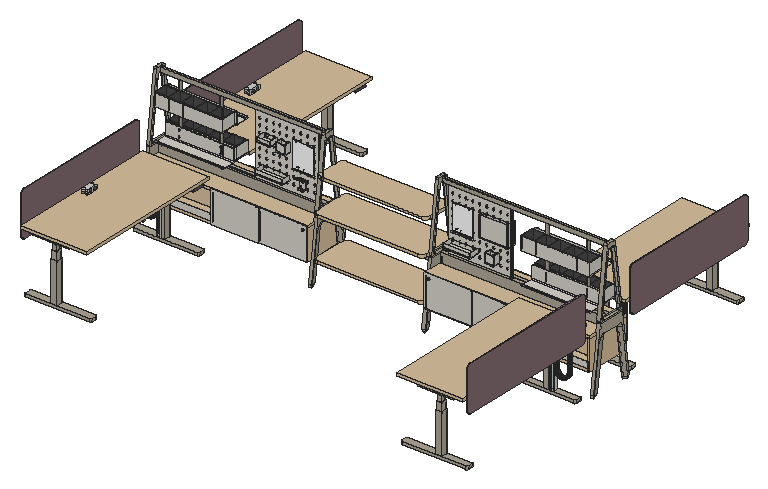
Revit family "Layout-Teknion-Expansion_Cityline_Upper_Structure_01-R2021", category Furniture Systems, Revit 2021 (continued)
Definition of nested family "Accessories-Teknion-JZTPA_P_Accessories_Lift_And_Drop_Vertical_Pole_Mounted_Planter-R2021"
  Definition of nested family "Teknion_2D_Node_Family-R2016"
    Lines and regions (in)
      detail lines, in view "Ref. Level"
        curve 1: circle (0, 0, 0) r 1.25 normal (0, 0, 1)
        curve 2: line (1.91508, -1.91508, 0) -> (-1.91508, 1.91508, 0)
        curve 3: line (-1.91508, -1.91508, 0) -> (1.91508, 1.91508, 0)
Definition of nested family "Accessories-Teknion-JZTPA_Accessories_Lift_And_Drop_Vertical_Pole_Mounted-R2021"
  Parameters (values of type "6" Shelf")
    Width [instance] = 42.000"
    Warranty = "http://www.teknion.com/ca/papers/legal-canada"
    Unit Weight URL = "http://www.teknion.com/ca/tools/assets#&asset=bee6a381-b954-425e-8283-5a2de3a804f2,f828d448-4b62-4231-9e5f-9a8991c0ed77"
    URL = "www.teknion.com"
    To render please download texture images found here [instance] = "https://assets.teknion.com/web/5e81352c1dfdb467/revit-material-swatches/"
    Sustainability Data = "https://www.teknion.com/ca/tools/assets#&topic=216f99a5-57a0-44fc-b10a-9dee9b29ae4c&asset=444deb64-fe58-4b68-981e-f75e97781df7,b4ff2d81-9f2e-437d-9659-7cffb09c31cf"
    Shelf/Book Display - Right = no
    Shelf/Book Display - Left = no
    Series = "Expansion Cityline"  # constant formula
    Product Page URL = "https://www.teknion.com/ca/products/product-details?productLineId=9ad2a26e-8e7a-673b-a6c8-ff05004460c4"
    Product Line = "EZ Lift & Drop Tiles And Shelves"  # constant formula
    Product Documentation Link = "https://www.teknion.com/pricing/expansion-cityline/pdfs/JZTPA_ppg.pdf"
    Part Number = "JZTPA"  # constant formula
    Model = "JZTPA__S"
    Masking Region - S & B = or([6" Shelf], Book Display)  # yes
    Manufacturer Phone = "416-661-3370"  # constant formula
    Manufacturer Fax = "416.661.4586"  # constant formula
    Manufacturer Contact Information = "http://www.teknion.com/ca/contactus"
    Manufacturer Address = "1150 Flint Road, Toronto, ON. M3J 2J5. Canada"  # constant formula
    Manufacturer = "Teknion"  # constant formula
    How To Use Teknion Materials User Guide [instance] = "https://assets.teknion.com/m/205dd0a49fa58060/original/How-to-add-a-Material-Library-and-Texture-Images-to-your-Revit-project.pdf"
    For Additional Finishes please visit [instance] = "https://assets.teknion.com/m/44a8009b046e5d47/original/Teknion_Materials_Library.zip"
    Description = "Accessories - Lift And Drop Vertical Pole Mounted - 6\" Shelf"
    Depth = 6.583"
    Default Elevation = 0.000"
    Cut-Out Shelf/Book Display - Right = if([Shelf/Book Display - Right], 4.000", 0.100")  # 0.100"
    Cut-Out Shelf/Book Display - Left = if([Shelf/Book Display - Left], 4.000", 0.100")  # 0.100"
    Front Corner Cut-Out Shelf/Book Display = if((or([Shelf/Book Display - Left], [Shelf/Book Display - Right])), 4.000", 0.100")  # 0.100"
    Corner Cut-Out (S & B) = if((or([6" Shelf], Book Display)), 1.000", 0.100")  # 1.000"
    Book Display = no
    Body Finish [instance] = none
    Available Width [instance] = "24, 30, 36 & 42 Inch"  # constant formula
    Assembly Code = "E2020200"
    6" Shelf = yes
  Types (5): name | Width | Shelf/Book Display - Right | Shelf/Book Display - Left | Model | Masking Region - S & B | Description | Depth | Cut-Out Shelf/Book Display - Right | Cut-Out Shelf/Book Display - Left | Front Corner Cut-Out Shelf/Book Display | Corner Cut-Out (S & B) | Book Display | 6" Shelf
    (no name) | 42.000" | no | no | "JZTPA__S" | yes | "Accessories - Lift And Drop Vertical Pole Mounted - 6\" Shelf" | 6.583" | 0.100" | 0.100" | 0.100" | 1.000" | no | yes
    Book Display | 42.000" | no | no | "JZTPA__B" | yes | "Accessories - Lift And Drop Vertical Pole Mounted - Book Display" | 3.583" | 0.100" | 0.100" | 0.100" | 1.000" | yes | no
    6" Shelf | 42.000" | no | no | "JZTPA__S" | yes | "Accessories - Lift And Drop Vertical Pole Mounted - 6\" Shelf" | 6.583" | 0.100" | 0.100" | 0.100" | 1.000" | no | yes
    Shelf/Book Display - Left | 24.000" | no | yes | "JZTPA__L" | no | "Accessories - Lift And Drop Vertical Pole Mounted - Shelf/Book Display - Left" | 6.583" | 0.100" | 4.000" | 4.000" | 0.100" | no | no
    Book Display/Shelf - Right | 24.000" | yes | no | "JZTPA__R" | no | "Accessories - Lift And Drop Vertical Pole Mounted - Book Display/Shelf - Right" | 6.583" | 4.000" | 0.100" | 4.000" | 0.100" | no | no
  Reference planes (in)
    plane 1 "Center Front/Back": y = -3.39764
    plane 2: z = 0
    plane 3 "Center Left/Right": x = 0
    plane 4 "Left": x = -21
    plane 5 "Right": x = 21
    plane 6 "Back": y = -0.10614
    plane 7 "Front": y = -6.68914
    plane 8 "Top": z = 36.57283
    plane 9: z = 30.93504
  Forms (in)
    Sweep 1, solid, material <- "Body Finish"
      path origin (0, 0, 0) x (1, 0, 0) y (0, 1, 0)
        loop
          line (0, -0.10614) -> (0, -0.68881)
      profile origin (0, -0.39748, 0) x (1, 0, 0) y (0, 0, 1)
        loop
          arc (-15.09252, 34.85827) -> (-15, 34.76575) -> (-14.90748, 34.85827) r 0.09252
          line (-14.90748, 34.85827) -> (-14.90748, 35.44882)
          arc (-14.90748, 35.44882) -> (-15, 35.54134) -> (-15.09252, 35.44882) r 0.09252
          line (-15.09252, 35.44882) -> (-15.09252, 34.85827)
        loop
          arc (-15.09252, 32.01181) -> (-15, 31.91929) -> (-14.90748, 32.01181) r 0.09252
          line (-14.90748, 32.01181) -> (-14.90748, 32.60236)
          arc (-14.90748, 32.60236) -> (-15, 32.69488) -> (-15.09252, 32.60236) r 0.09252
          line (-15.09252, 32.60236) -> (-15.09252, 32.01181)
        loop
          arc (14.90748, 34.85827) -> (15, 34.76575) -> (15.09252, 34.85827) r 0.09252
          line (15.09252, 34.85827) -> (15.09252, 35.44882)
          arc (15.09252, 35.44882) -> (15, 35.54134) -> (14.90748, 35.44882) r 0.09252
          line (14.90748, 35.44882) -> (14.90748, 34.85827)
        loop
          arc (14.90748, 32.01181) -> (15, 31.91929) -> (15.09252, 32.01181) r 0.09252
          line (15.09252, 32.01181) -> (15.09252, 32.60236)
          arc (15.09252, 32.60236) -> (15, 32.69488) -> (14.90748, 32.60236) r 0.09252
          line (14.90748, 32.60236) -> (14.90748, 32.01181)
    Sweep 2, solid, material <- "Body Finish"
      path origin (0, 0, 0) x (1, 0, 0) y (0, 1, 0)
        loop
          line (0, -0.68881) -> (0, -0.49984)
      profile origin (0, -0.59433, 0) x (-1, 0, 0) y (0, 0, 1)
        loop
          line (15.02953, 32.69004) -> (15.02953, 34.77059) -> (14.97047, 34.77059) -> (14.97047, 32.69004) -> (15.02953, 32.69004)
        loop
          line (-14.97047, 32.69004) -> (-14.97047, 34.77059) -> (-15.02953, 34.77059) -> (-15.02953, 32.69004) -> (-14.97047, 32.69004)
    Sweep 3, solid, material <- "Body Finish", visible <- "6" Shelf"
      path origin (0, 0, 0) x (1, 0, 0) y (0, 1, 0)
        loop
          line (21, -3.39764) -> (-21, -3.39764)
      profile origin (0, -3.39764, 0) x (0, -1, 0) y (0, 0, 1)
        loop
          arc (-2.31512, 30.98228) -> (-2.5601, 31.08376) -> (-2.66158, 31.32874) r 0.34646
          line (-2.66158, 31.32874) -> (-2.66158, 36.57283) -> (-2.70882, 36.57283) -> (-2.70882, 31.32874)
          arc (-2.70882, 31.32874) -> (-2.59351, 31.05035) -> (-2.31512, 30.93504) r 0.3937
          line (-2.31512, 30.93504) -> (2.8978, 30.93504)
          arc (2.8978, 30.93504) -> (3.17619, 31.05035) -> (3.2915, 31.32874) r 0.3937
          line (3.2915, 31.32874) -> (3.2915, 31.68504) -> (3.24426, 31.68504) -> (3.24426, 31.32874)
          arc (3.24426, 31.32874) -> (3.14278, 31.08376) -> (2.8978, 30.98228) r 0.34646
          line (2.8978, 30.98228) -> (-2.31512, 30.98228)
    Sweep 4, void
      path origin (0, 0, 0) x (1, 0, 0) y (0, 1, 0)
        loop
          line (0, -7.14189) -> (0, -6.14189)
      profile origin (0, -6.64189, 0) x (-1, 0, 0) y (0, 0, 1)
        loop
          arc (-21, 31.32874) -> (-20.89564, 31.58068) -> (-20.6437, 31.68504) r 0.3563
          line (-20.6437, 31.68504) -> (-21, 31.68504) -> (-21, 31.32874)
        loop
          line (21, 31.32874) -> (21, 31.68504) -> (20.6437, 31.68504)
          arc (20.6437, 31.68504) -> (20.89564, 31.58068) -> (21, 31.32874) r 0.3563
    Sweep 5, void
      path origin (0, 0, 0) x (1, 0, 0) y (0, 1, 0)
        loop
          line (0, -0.10614) -> (0, -1.10614)
      profile origin (0, -0.60614, 0) x (1, 0, 0) y (0, 0, 1)
        loop
          arc (20.6063, 36.57283) -> (20.88469, 36.45752) -> (21, 36.17913) r 0.3937
          line (21, 36.17913) -> (21, 36.57283) -> (20.6063, 36.57283)
        loop
          line (-20.6063, 36.57283) -> (-21, 36.57283) -> (-21, 36.17913)
          arc (-21, 36.17913) -> (-20.88469, 36.45752) -> (-20.6063, 36.57283) r 0.3937
    Sweep 6, solid, material <- "Body Finish", visible <- "Book Display"
      path origin (0, 0, 0) x (1, 0, 0) y (0, 1, 0)
        loop
          line (21, -3.39764) -> (-21, -3.39764)
      profile origin (0, -3.39764, 0) x (0, -1, 0) y (0, 0, 1)
        loop
          arc (-2.3148, 30.98228) -> (-2.55978, 31.08376) -> (-2.66126, 31.32874) r 0.34646
          line (-2.66126, 31.32874) -> (-2.66126, 36.52559) -> (-1.7085, 36.52559) -> (-1.7085, 36.57283) -> (-2.7085, 36.57283) -> (-2.7085, 31.32874)
          arc (-2.7085, 31.32874) -> (-2.59319, 31.05035) -> (-2.3148, 30.93504) r 0.3937
          line (-2.3148, 30.93504) -> (2.8978, 30.93504)
          arc (2.8978, 30.93504) -> (3.17619, 31.05035) -> (3.2915, 31.32874) r 0.3937
          line (3.2915, 31.32874) -> (3.2915, 31.68504) -> (3.24426, 31.68504) -> (3.24426, 31.32874)
          arc (3.24426, 31.32874) -> (3.14278, 31.08376) -> (2.8978, 30.98228) r 0.34646
          line (2.8978, 30.98228) -> (-2.3148, 30.98228)
    Sweep 7, void
      path origin (0, -3.39764, 0) x (1, 0, 0) y (0, 0, 1)
        loop
          line (0, 37.07283) -> (0, 36.07283)
      profile origin (0, -3.39764, 36.57283) x (0, -1, 0) y (1, 0, 0)
        loop
          arc (-1.7085, -20.6063) -> (-1.82381, -20.88469) -> (-2.1022, -21) r 0.3937
          line (-2.1022, -21) -> (-1.7085, -21) -> (-1.7085, -20.6063)
        loop
          line (-1.7085, 20.6063) -> (-1.7085, 21) -> (-2.1022, 21)
          arc (-2.1022, 21) -> (-1.82381, 20.88469) -> (-1.7085, 20.6063) r 0.3937
    Sweep 8, solid, material <- "Body Finish", visible <- "Shelf/Book Display - Left"
      path origin (0, 0, 0) x (1, 0, 0) y (0, 1, 0)
        loop
          line (21, -3.39764) -> (-21, -3.39764)
      profile origin (0, -3.39764, 0) x (0, -1, 0) y (0, 0, 1)
        loop
          arc (-2.31496, 30.98228) -> (-2.55994, 31.08376) -> (-2.66142, 31.32874) r 0.34646
          line (-2.66142, 31.32874) -> (-2.66142, 36.52559) -> (-1.70866, 36.52559) -> (-1.70866, 36.57283) -> (-2.70866, 36.57283) -> (-2.70866, 31.32874)
          arc (-2.70866, 31.32874) -> (-2.59335, 31.05035) -> (-2.31496, 30.93504) r 0.3937
          line (-2.31496, 30.93504) -> (2.89764, 30.93504)
          arc (2.89764, 30.93504) -> (3.17603, 31.05035) -> (3.2915, 31.32874) r 0.3937
          line (3.2915, 31.32874) -> (3.2915, 31.68504) -> (3.24426, 31.68504) -> (3.24426, 31.32874)
          arc (3.24426, 31.32874) -> (3.14278, 31.08376) -> (2.8978, 30.98228) r 0.34646
          line (2.8978, 30.98228) -> (-2.31496, 30.98228)
    Sweep 9, void
      path origin (0, -3.39764, 0) x (1, 0, 0) y (0, 0, 1)
        loop
          line (0, 37.07303) -> (0, 36.97303)
      profile origin (0, -3.39764, 37.02303) x (0, -1, 0) y (1, 0, 0)
        loop
          arc (-2.10236, 0) -> (-1.82397, -0.11531) -> (-1.70866, -0.3937) r 0.3937
          line (-1.70866, -0.3937) -> (-1.70866, 21) -> (-2.66142, 21) -> (-2.66142, 0) -> (-2.10236, 0)
        loop
          line (-2.10236, -21) -> (-1.70866, -21) -> (-1.70866, -20.6063)
          arc (-1.70866, -20.6063) -> (-1.82397, -20.88469) -> (-2.10236, -21) r 0.3937
    Sweep 10, void
      path origin (0, 0, 0) x (1, 0, 0) y (0, 1, 0)
        loop
          line (0, -7.19528) -> (0, -7.29528)
      profile origin (0, -7.24528, 0) x (1, 0, 0) y (0, 0, 1)
        loop
          line (0, 31.68504) -> (-21, 31.68504) -> (-21, 30.93504) -> (0, 30.93504) -> (0, 31.68504)
    Sweep 11, solid, material <- "Body Finish", visible <- "Shelf/Book Display - Left"
      path origin (0, 0, 0) x (1, 0, 0) y (0, 1, 0)
        loop
          line (0, -3.39764) -> (-21, -3.39764)
      profile origin (-10.5, -3.39764, 0) x (0, -1, 0) y (0, 0, 1)
        loop
          line (0.24409, 31.68504) -> (0.24409, 31.32874)
          arc (0.24409, 31.32874) -> (0.14262, 31.08376) -> (-0.10236, 30.98228) r 0.34646
          line (-0.10236, 30.98228) -> (-0.10236, 30.93504)
          arc (-0.10236, 30.93504) -> (0.17603, 31.05035) -> (0.29134, 31.32874) r 0.3937
          line (0.29134, 31.32874) -> (0.29134, 31.68504) -> (0.24409, 31.68504)
    Sweep 12, void
      path origin (0, 0, 0) x (1, 0, 0) y (0, 1, 0)
        loop
          line (0, -7.18914) -> (0, -7.08914)
      profile origin (0, -7.13914, 0) x (-1, 0, 0) y (0, 0, 1)
        loop
          line (21, 31.68504) -> (20.6437, 31.68504)
          arc (20.6437, 31.68504) -> (20.89564, 31.58068) -> (21, 31.32874) r 0.3563
          line (21, 31.32874) -> (21, 31.68504)
        loop
          line (-21, 31.68504) -> (-21, 31.32874)
          arc (-21, 31.32874) -> (-20.89564, 31.58068) -> (-20.6437, 31.68504) r 0.3563
          line (-20.6437, 31.68504) -> (-21, 31.68504)
        loop
          line (0.3563, 31.68504) -> (-0.3563, 31.68504)
          arc (-0.3563, 31.68504) -> (-0.10436, 31.58068) -> (0, 31.32874) r 0.3563
          arc (0, 31.32874) -> (0.10436, 31.58068) -> (0.3563, 31.68504) r 0.3563
    Sweep 13, void
      path origin (0, 0, 0) x (1, 0, 0) y (0, 1, 0)
        loop
          line (21, 1.8937) -> (21, 1.7937)
      profile origin (21, 1.8437, 0) x (1, 0, 0) y (0, 0, 1)
        loop
          arc (-0.3937, 36.57283) -> (-0.11531, 36.45752) -> (0, 36.17913) r 0.3937
          line (0, 36.17913) -> (0, 36.57283) -> (-0.3937, 36.57283)
    Sweep 14, solid, material <- "Body Finish", visible <- "Shelf/Book Display - Right"
      path origin (0, 0, 0) x (1, 0, 0) y (0, 1, 0)
        loop
          line (21, -3.39764) -> (-21, -3.39764)
      profile origin (0, -3.39764, 0) x (0, -1, 0) y (0, 0, 1)
        loop
          line (-2.70866, 36.57283) -> (-2.70866, 31.32874)
          arc (-2.70866, 31.32874) -> (-2.59335, 31.05035) -> (-2.31496, 30.93504) r 0.3937
          line (-2.31496, 30.93504) -> (2.89764, 30.93504)
          arc (2.89764, 30.93504) -> (3.17603, 31.05035) -> (3.29134, 31.32874) r 0.3937
          line (3.29134, 31.32874) -> (3.29134, 31.68504) -> (3.24426, 31.68504) -> (3.24426, 31.32874)
          arc (3.24426, 31.32874) -> (3.14278, 31.08376) -> (2.8978, 30.98228) r 0.34646
          line (2.8978, 30.98228) -> (-2.31496, 30.98228)
          arc (-2.31496, 30.98228) -> (-2.55994, 31.08376) -> (-2.66142, 31.32874) r 0.34646
          line (-2.66142, 31.32874) -> (-2.66142, 36.52559) -> (-1.70866, 36.52559) -> (-1.70866, 36.57283) -> (-2.70866, 36.57283)
    Sweep 15, solid, material <- "Body Finish", visible <- "Shelf/Book Display - Right"
      path origin (0, 0, 0) x (1, 0, 0) y (0, 1, 0)
        loop
          line (0, -3.39764) -> (21, -3.39764)
      profile origin (10.5, -3.39764, 0) x (0, 1, 0) y (0, 0, 1)
        loop
          line (-0.24409, 31.32874) -> (-0.24409, 31.68504) -> (-0.29134, 31.68504) -> (-0.29134, 31.32874)
          arc (-0.29134, 31.32874) -> (-0.17603, 31.05035) -> (0.10236, 30.93504) r 0.3937
          line (0.10236, 30.93504) -> (0.10236, 30.98228)
          arc (0.10236, 30.98228) -> (-0.14262, 31.08376) -> (-0.24409, 31.32874) r 0.34646
    Sweep 16, void
      path origin (0, 0, 0) x (1, 0, 0) y (0, 1, 0)
        loop
          line (0, -7.29528) -> (0, -7.19528)
      profile origin (0, -7.24528, 0) x (-1, 0, 0) y (0, 0, 1)
        loop
          line (0, 31.68504) -> (-21, 31.68504) -> (-21, 30.93504) -> (0, 30.93504) -> (0, 31.68504)
    Sweep 17, void
      path origin (0, -3.39764, 0) x (1, 0, 0) y (0, 0, 1)
        loop
          line (0, 37.07303) -> (0, 36.97303)
      profile origin (0, -3.39764, 37.02303) x (0, -1, 0) y (1, 0, 0)
        loop
          line (-1.70866, -21) -> (-1.70866, 0.3937)
          arc (-1.70866, 0.3937) -> (-1.82397, 0.11531) -> (-2.10236, 0) r 0.3937
          line (-2.10236, 0) -> (-2.66142, 0) -> (-2.66142, -21) -> (-1.70866, -21)
        loop
          line (-1.70866, 21) -> (-2.10236, 21)
          arc (-2.10236, 21) -> (-1.82397, 20.88469) -> (-1.70866, 20.6063) r 0.3937
          line (-1.70866, 20.6063) -> (-1.70866, 21)
    Sweep 18, void
      path origin (0, 0, 0) x (1, 0, 0) y (0, 1, 0)
        loop
          line (0, 1.7937) -> (0, 1.8937)
      profile origin (0, 1.8437, 0) x (-1, 0, 0) y (0, 0, 1)
        loop
          line (21, 36.57283) -> (20.6063, 36.57283)
          arc (20.6063, 36.57283) -> (20.88469, 36.45752) -> (21, 36.17913) r 0.3937
          line (21, 36.17913) -> (21, 36.57283)
  Cuts and joins
    Sweep 4, Sweep 5 cuts Sweep 3
    Sweep 4, Sweep 7 cuts Sweep 6
    Sweep 9, Sweep 10, Sweep 12, Sweep 13 cuts Sweep 8
    Sweep 12 cuts Sweep 11
    joined: Sweep 8, Sweep 11
    Sweep 12, Sweep 16, Sweep 17, Sweep 18 cuts Sweep 14
    Sweep 12 cuts Sweep 15
    joined: Sweep 14, Sweep 15
  Lines and regions (in)
    Masking region 1
      outline origin (0, 0, 0) x (1, 0, 0) y (0, 1, 0)
        loop
          line (-15.09252, -0.10614) -> (-15.09252, -0.68881) -> (-14.90748, -0.68881) -> (-14.90748, -0.10614) -> (-15.09252, -0.10614)
        loop
          line (14.90748, -0.10614) -> (14.90748, -0.68881) -> (15.09252, -0.68881) -> (15.09252, -0.10614) -> (14.90748, -0.10614)
    Masking region 2, visible <- "Masking Region - S & B"
      outline origin (0, 0, 0) x (1, 0, 0) y (0, 1, 0)
        loop
          line (-21, -0.68914) -> (-21, -6.68914) -> (21, -6.68914) -> (21, -0.68914) -> (-21, -0.68914)
    Masking region 3, visible <- "Shelf/Book Display - Left"
      outline origin (0, 0, 0) x (1, 0, 0) y (0, 1, 0)
        loop
          line (21, -0.68898) -> (-21, -0.68898) -> (-21, -3.68898) -> (0, -3.68898) -> (0, -6.68914) -> (21, -6.68914) -> (21, -0.68898)
    Masking region 4, visible <- "Shelf/Book Display - Right"
      outline origin (0, 0, 0) x (1, 0, 0) y (0, 1, 0)
        loop
          line (0, -3.68898) -> (21, -3.68898) -> (21, -0.68898) -> (-21, -0.68898) -> (-21, -6.68898) -> (0, -6.68898) -> (0, -3.68898)
    symbolic lines, visible <- "6" Shelf"
      curve 1: line (-21, -0.73606, 0) -> (21, -0.73606, 0)
      curve 2: line (21, -6.64189, 0) -> (-21, -6.64189, 0)
    symbolic lines, detail levels medium+fine
      curve 3: line (-15.02953, -0.49984, 0) -> (-15.02953, -0.68881, 0)
      curve 4: line (-15.02953, -0.49984, 0) -> (-14.97047, -0.49984, 0)
      curve 5: line (-14.97047, -0.68881, 0) -> (-14.97047, -0.49984, 0)
      curve 6: line (14.97047, -0.49984, 0) -> (14.97047, -0.68881, 0)
      curve 7: line (14.97047, -0.49984, 0) -> (15.02953, -0.49984, 0)
      curve 8: line (15.02953, -0.68881, 0) -> (15.02953, -0.49984, 0)
    symbolic lines, visible <- "Book Display"
      curve 9: line (-20.6063, -1.68914, 0) -> (20.6063, -1.68914, 0)
      curve 10: arc (-20.6063, -1.68914, 0) -> (-20.88469, -1.57383, 0) -> (-21, -1.29544, 0) r 0.3937
      curve 11: arc (21, -1.29544, 0) -> (20.88469, -1.57383, 0) -> (20.6063, -1.68914, 0) r 0.3937
      curve 12: line (21, -6.64189, 0) -> (-21, -6.64189, 0)
    symbolic lines, visible <- "Shelf/Book Display - Left"
      curve 13: line (0, -3.64173, 0) -> (-21, -3.64173, 0)
      curve 14: line (0, -6.68914, 0) -> (0, -3.29528, 0)
      curve 16: line (0, -1.29528, 0) -> (0, -0.73622, 0)
      curve 17: line (-20.61757, -1.68898, 0) -> (-0.3937, -1.68898, 0)
      curve 18: arc (0, -1.29528, 0) -> (-0.11531, -1.57366, 0) -> (-0.3937, -1.68898, 0) r 0.3937
      curve 19: arc (-20.61757, -1.68898, 0) -> (-20.88865, -1.56981, 0) -> (-21, -1.29544, 0) r 0.3937
      curve 20: line (0, -0.73622, 0) -> (21, -0.73622, 0)
      curve 21: line (0, -6.64189, 0) -> (21, -6.64189, 0)
    symbolic lines, visible <- "Shelf/Book Display - Left", detail levels medium+fine
      curve 15: line (0, -0.73622, 0) -> (-21, -0.73622, 0)
    symbolic lines, visible <- "Shelf/Book Display - Right"
      curve 22: line (0, -0.73622, 0) -> (0, -1.29528, 0)
      curve 23: line (0.3937, -1.68898, 0) -> (20.6063, -1.68898, 0)
      curve 24: arc (0.3937, -1.68898, 0) -> (0.11531, -1.57366, 0) -> (0, -1.29528, 0) r 0.3937
      curve 25: arc (21, -1.29544, 0) -> (20.88469, -1.57383, 0) -> (20.6063, -1.68914, 0) r 0.3937
      curve 26: line (-21, -0.73622, 0) -> (0, -0.73622, 0)
      curve 28: line (21, -3.64173, 0) -> (0, -3.64173, 0)
      curve 29: line (0, -6.64189, 0) -> (-21, -6.64189, 0)
      curve 30: line (0, -6.68914, 0) -> (0, -3.29528, 0)
    symbolic lines, visible <- "Shelf/Book Display - Right", detail levels medium+fine
      curve 27: line (21, -0.73622, 0) -> (0, -0.73622, 0)
    symbolic lines, visible <- "Book Display", detail levels medium+fine
      curve 31: line (-21, -0.73606, 0) -> (21, -0.73606, 0)
    reference lines
      curve 32: line (-21, -0.10614, 0) -> (21, -0.10614, 0)
      curve 33: line (-21, -6.68914, 0) -> (21, -6.68914, 0)
      curve 34: line (-21, -0.10614, 0) -> (-21, -6.68914, 0)
      curve 35: line (21, -0.10614, 0) -> (21, -6.68914, 0)
  Dimensions and locks (in)
    "Width": plane 4 "Left" to plane 5 "Right"
    "Depth": plane 6 "Back" to plane 7 "Front"
    locked: plane 8 "Top" to level at 36.57283
    equal spacing: plane 6 "Back", plane 1 "Center Front/Back", plane 7 "Front"
    equal spacing: plane 4 "Left", plane 3 "Center Left/Right", plane 5 "Right"
    locked: plane 8 "Top" to plane 9 at 5.6378
    locked: plane 6 "Back" to Sweep 1 sketch curve at 0.58268
    Sweep 1 sketch curve to Sweep 1 sketch curve to plane 5 "Right" = 0.18504" locked, 5.90748" locked
    Sweep 1 sketch curve to Sweep 1 sketch curve to plane 4 "Left" = 0.18504" locked, 5.90748" locked
    plane 8 "Top" to Sweep 1 sketch curve to Sweep 1 sketch curve to Sweep 1 sketch curve to Sweep 1 sketch curve = 1.12402" locked, 0.59055" locked, 2.25591" locked, 0.59055" locked  (x2)
    Sweep 2 sketch curve to Sweep 2 sketch curve to plane 6 "Back" = 0.18898" locked, 0.3937" locked
    plane 8 "Top" to Sweep 2 sketch curve to Sweep 2 sketch curve = 1.80225" locked, 2.08054" locked
    Sweep 2 sketch curve to Sweep 2 sketch curve to plane 5 "Right" = 0.05906" locked, 5.97047" locked
    Sweep 2 sketch curve to Sweep 2 sketch curve to plane 4 "Left" = 0.05906" locked, 5.97047" locked
    Sweep 3 sketch curve to Sweep 3 sketch curve to plane 6 "Back" = 0.04724" locked, 0.58268" locked
    locked: Sweep 3 sketch curve to plane 9 at 0.04724
    locked: plane 7 "Front" to Sweep 3 sketch curve at 0.04724
    locked: Sweep 3 sketch curve to plane 9 at 0.75
    locked: plane 7 "Front" to Sweep 3 sketch curve at 0.3937
    locked: Sweep 3 sketch curve to plane 6 "Back" at 0.97638
    locked: Sweep 3 sketch curve to plane 9 at 0.3937  (x2)
    Sweep 4 sketch curve to Sweep 4 sketch curve to plane 9 = 0.3563" locked, 0.3937" locked  (x2)
    locked: Sweep 4 sketch curve to plane 5 "Right" at 0.3563
    locked: Sweep 4 sketch curve to plane 4 "Left" at 0.3563
    "Corner Cut-Out (S & B)": plane 6 "Back" to Sweep 5 sketch curve
    locked: plane 8 "Top" to Sweep 5 sketch curve at 0.3937  (x2)
    locked: Sweep 5 sketch curve to plane 5 "Right" at 0.3937
    locked: plane 7 "Front" to Sweep 6 sketch curve at 0.04724
    Sweep 6 sketch curve to Sweep 6 sketch curve to Sweep 6 sketch curve to plane 6 "Back" = 0.95276" locked, 0.04724" locked, 0.583" locked
    locked: Sweep 6 sketch curve to plane 9 at 0.04724
    locked: plane 7 "Front" to Sweep 6 sketch curve at 0.3937
    locked: Sweep 6 sketch curve to plane 6 "Back" at 0.9767
    locked: Sweep 6 sketch curve to plane 9 at 0.3937  (x2)
    locked: plane 8 "Top" to Sweep 6 sketch curve at 0.04724
    plane 6 "Back" to Sweep 7 sketch curve to Sweep 7 sketch curve = 1.1893" locked, 0.3937" locked
    locked: plane 4 "Left" to Sweep 7 sketch curve at 0.3937
    locked: Sweep 7 sketch curve to plane 5 "Right" at 0.3937
    "Corner Cut-Out (S & B)": Sweep 4 sketch curve to Sweep 4 sketch curve
    locked: Sweep 4 sketch curve to plane 7 "Front" at 0.45276
    "Corner Cut-Out (S & B)": Sweep 7 sketch curve to Sweep 7 sketch curve
    locked: Sweep 7 sketch curve to plane 8 "Top" at 0.5
    locked: plane 1 "Center Front/Back" to Sweep 5 sketch curve at 3.2915
    Sweep 8 sketch curve to Sweep 8 sketch curve to Sweep 8 sketch curve to plane 6 "Back" = 0.95276" locked, 0.04724" locked, 0.58284" locked
    locked: plane 7 "Front" to Sweep 8 sketch curve at 0.04724
    locked: Sweep 8 sketch curve to plane 9 at 0.04724
    locked: Sweep 8 sketch curve to plane 9 at 0.3937  (x2)
    locked: Sweep 8 sketch curve to plane 6 "Back" at 0.97654
    locked: plane 7 "Front" to Sweep 8 sketch curve at 0.39386
    locked: plane 8 "Top" to Sweep 8 sketch curve at 0.04724
    locked: Sweep 9 sketch curve to plane 8 "Top" at 0.5002
    "Cut-Out Shelf/Book Display - Left": Sweep 9 sketch curve to Sweep 9 sketch curve
    Sweep 9 sketch curve to Sweep 9 sketch curve to plane 6 "Back" = 0.3937" locked, 1.18914" locked
    locked: plane 4 "Left" to Sweep 9 sketch curve at 0.3937
    Sweep 9 sketch curve to Sweep 9 sketch curve to plane 6 "Back" = 0.95276" locked, 0.63008" locked
    locked: Sweep 9 sketch curve to plane 3 "Center Left/Right" at 0.3937
    locked: Sweep 10 sketch curve to plane 7 "Front" at 0.60614
    "Cut-Out Shelf/Book Display - Left": Sweep 10 sketch curve to Sweep 10 sketch curve
    locked: Sweep 10 sketch curve to plane 9 at 0.75
    Sweep 11 sketch curve to plane 1 "Center Front/Back" to Sweep 11 sketch curve to Sweep 11 sketch curve = 0.10236" locked, 0.24409" locked, 0.04724" locked
    Sweep 11 sketch curve to Sweep 11 sketch curve to Sweep 11 sketch curve to plane 9 = 0.3563" locked, 0.34646" locked, 0.04724" locked
    locked: Sweep 12 sketch curve to plane 7 "Front" at 0.5
    "Front Corner Cut-Out Shelf/Book Display": Sweep 12 sketch curve to Sweep 12 sketch curve
    locked: Sweep 12 sketch curve to plane 5 "Right" at 0.3563
    locked: Sweep 12 sketch curve to plane 9 at 0.75  (x2)
    locked: Sweep 12 sketch curve to plane 4 "Left" at 0.3563
    Sweep 12 sketch curve to plane 3 "Center Left/Right" to Sweep 12 sketch curve = 0.3563" locked, 0.3563" locked
    locked: Sweep 12 sketch curve to plane 9 at 0.3937  (x2)
    locked: Sweep 13 sketch curve to plane 6 "Back" at 1.99984
    "Cut-Out Shelf/Book Display - Left": Sweep 13 sketch curve to Sweep 13 sketch curve
    locked: plane 8 "Top" to Sweep 13 sketch curve at 0.3937
    locked: Sweep 13 sketch curve to plane 5 "Right" at 0.3937
    Sweep 15 sketch curve to Sweep 15 sketch curve to plane 1 "Center Front/Back" to Sweep 15 sketch curve = 0.04724" locked, 0.24409" locked, 0.10236" locked
    Sweep 15 sketch curve to Sweep 15 sketch curve to plane 9 = 0.70276" locked, 0.04724" locked
    locked: Sweep 15 sketch curve to plane 9 at 0.3937
    locked: plane 1 "Center Front/Back" to Sweep 15 sketch curve at 0.10236
    locked: Sweep 16 sketch curve to plane 7 "Front" at 0.60614
    "Cut-Out Shelf/Book Display - Right": Sweep 16 sketch curve to Sweep 16 sketch curve
    locked: Sweep 16 sketch curve to plane 9 at 0.75
    locked: Sweep 17 sketch curve to plane 8 "Top" at 0.5002
    "Cut-Out Shelf/Book Display - Right": Sweep 17 sketch curve to Sweep 17 sketch curve
    Sweep 17 sketch curve to Sweep 17 sketch curve to Sweep 17 sketch curve to plane 6 "Back" = 0.3937" locked, 0.55906" locked, 0.63008" locked
    locked: plane 3 "Center Left/Right" to Sweep 17 sketch curve at 0.3937
    locked: Sweep 18 sketch curve to plane 6 "Back" at 1.99984
    "Cut-Out Shelf/Book Display - Right": Sweep 18 sketch curve to Sweep 18 sketch curve
    locked: Sweep 18 sketch curve to plane 4 "Left" at 0.3937
    locked: plane 8 "Top" to Sweep 18 sketch curve at 0.3937
    plane 6 "Back" to Sweep 17 sketch curve to Sweep 17 sketch curve = 1.18914" locked, 0.3937" locked
    locked: Sweep 17 sketch curve to plane 5 "Right" at 0.3937
    locked: plane 1 "Center Front/Back" to curve 14 at 0.10236
    locked: plane 1 "Center Front/Back" to curve 30 at 0.10236
    aligned and locked: level to plane 2
    aligned and locked: Sweep 1 sketch curve to plane 3 "Center Left/Right"
    aligned and locked: plane 6 "Back" to Sweep 1 sketch curve
    aligned and locked: Sweep 1 sketch curve to Sweep 1 sketch curve  (x4)
    aligned and locked: plane 3 "Center Left/Right" to Sweep 2 sketch curve
    aligned and locked: Sweep 2 sketch curve to Sweep 2 sketch curve  (x2)
    aligned and locked: Sweep 3 sketch curve to plane 1 "Center Front/Back"
    aligned and locked: plane 4 "Left" to Sweep 3 sketch curve
    aligned and locked: plane 5 "Right" to Sweep 3 sketch curve
    aligned and locked: Sweep 3 sketch curve to plane 7 "Front"
    aligned and locked: plane 8 "Top" to Sweep 3 sketch curve
    aligned and locked: Sweep 4 sketch curve to plane 3 "Center Left/Right"
    aligned and locked: Sweep 4 sketch curve to plane 5 "Right"
    aligned and locked: plane 4 "Left" to Sweep 4 sketch curve
    aligned and locked: Sweep 5 sketch curve to plane 3 "Center Left/Right"
    aligned and locked: Sweep 5 sketch curve to plane 8 "Top"
    aligned and locked: plane 8 "Top" to Sweep 5 sketch curve
    aligned and locked: Sweep 5 sketch curve to plane 4 "Left"
    aligned and locked: plane 5 "Right" to Sweep 5 sketch curve
    aligned and locked: Sweep 6 sketch curve to plane 1 "Center Front/Back"
    aligned and locked: plane 5 "Right" to Sweep 6 sketch curve
    aligned and locked: plane 4 "Left" to Sweep 6 sketch curve
    aligned and locked: Sweep 6 sketch curve to plane 9
    aligned and locked: plane 8 "Top" to Sweep 6 sketch curve
    aligned and locked: Sweep 7 sketch curve to plane 3 "Center Left/Right"
    aligned and locked: plane 4 "Left" to Sweep 7 sketch curve
    aligned and locked: Sweep 7 sketch curve to plane 5 "Right"
    aligned and locked: Sweep 7 sketch curve to Sweep 7 sketch curve
    aligned and locked: Sweep 8 sketch curve to plane 1 "Center Front/Back"
    aligned and locked: plane 5 "Right" to Sweep 8 sketch curve
    aligned and locked: plane 4 "Left" to Sweep 8 sketch curve
    aligned and locked: Sweep 8 sketch curve to plane 7 "Front"
    aligned and locked: Sweep 8 sketch curve to plane 9
    aligned and locked: Sweep 8 sketch curve to plane 8 "Top"
    aligned and locked: Sweep 9 sketch curve to plane 4 "Left"
    aligned and locked: plane 3 "Center Left/Right" to Sweep 9 sketch curve
    aligned and locked: plane 5 "Right" to Sweep 9 sketch curve
    aligned and locked: plane 3 "Center Left/Right" to Sweep 10 sketch curve  (x2)
    aligned and locked: Sweep 10 sketch curve to plane 4 "Left"
    aligned and locked: Sweep 10 sketch curve to plane 9
    aligned and locked: Sweep 11 sketch curve to plane 1 "Center Front/Back"
    aligned and locked: plane 3 "Center Left/Right" to Sweep 11 sketch curve
    aligned and locked: plane 4 "Left" to Sweep 11 sketch curve
    aligned and locked: plane 9 to Sweep 11 sketch curve
    aligned and locked: Sweep 12 sketch curve to plane 3 "Center Left/Right"
    aligned and locked: plane 4 "Left" to Sweep 12 sketch curve
    aligned and locked: Sweep 12 sketch curve to plane 5 "Right"
    aligned and locked: Sweep 13 sketch curve to plane 5 "Right"
    aligned and locked: plane 5 "Right" to Sweep 13 sketch curve
    aligned and locked: Sweep 13 sketch curve to plane 8 "Top"
    aligned and locked: Sweep 14 sketch curve to plane 1 "Center Front/Back"
    aligned and locked: plane 5 "Right" to Sweep 14 sketch curve
    aligned and locked: plane 4 "Left" to Sweep 14 sketch curve
    aligned and locked: Sweep 14 sketch curve to cut or joined group of Sweep 8, Sweep 9, Sweep 10, Sweep 11, Sweep 12, Sweep 13  (x9)
    aligned and locked: plane 5 "Right" to Sweep 15 sketch curve
    aligned and locked: plane 1 "Center Front/Back" to Sweep 15 sketch curve
    aligned and locked: plane 3 "Center Left/Right" to Sweep 15 sketch curve
    aligned and locked: plane 9 to Sweep 15 sketch curve
    aligned and locked: Sweep 16 sketch curve to plane 3 "Center Left/Right"
    aligned and locked: plane 5 "Right" to Sweep 16 sketch curve
    aligned and locked: plane 9 to Sweep 16 sketch curve
    aligned and locked: plane 3 "Center Left/Right" to Sweep 16 sketch curve
    aligned and locked: Sweep 17 sketch curve to plane 3 "Center Left/Right"
    aligned and locked: plane 3 "Center Left/Right" to Sweep 17 sketch curve
    aligned and locked: Sweep 17 sketch curve to plane 4 "Left"
    aligned and locked: plane 5 "Right" to Sweep 17 sketch curve
    aligned and locked: plane 3 "Center Left/Right" to Sweep 18 sketch curve
    aligned and locked: plane 4 "Left" to Sweep 18 sketch curve
    aligned and locked: Sweep 18 sketch curve to plane 8 "Top"
    aligned and locked: Masking region 1 sketch curve to Sweep 1  (x6)
    aligned and locked: Masking region 1 sketch curve to plane 6 "Back"  (x2)
    aligned and locked: plane 5 "Right" to Masking region 2 sketch curve
    aligned and locked: Masking region 2 sketch curve to plane 7 "Front"
    aligned and locked: Masking region 2 sketch curve to cut or joined group of Sweep 4, Sweep 6, Sweep 7
    aligned and locked: Masking region 2 sketch curve to plane 4 "Left"
    aligned and locked: curve 1 to cut or joined group of Sweep 3, Sweep 4, Sweep 5
    aligned and locked: curve 2 to cut or joined group of Sweep 4, Sweep 6, Sweep 7
    aligned and locked: plane 4 "Left" to curve 1
    aligned and locked: plane 5 "Right" to curve 1
    aligned and locked: plane 5 "Right" to curve 2
    aligned and locked: plane 4 "Left" to curve 2
    aligned and locked: curve 3 to Sweep 2
    aligned and locked: curve 4 to Sweep 2
    aligned and locked: curve 5 to Sweep 2
    aligned and locked: curve 6 to Sweep 2
    aligned and locked: curve 7 to Sweep 2
    aligned and locked: curve 8 to Sweep 2
    aligned and locked: curve 10 to cut or joined group of Sweep 4, Sweep 6, Sweep 7
    aligned and locked: curve 11 to cut or joined group of Sweep 4, Sweep 6, Sweep 7
    aligned and locked: curve 12 to cut or joined group of Sweep 4, Sweep 6, Sweep 7
    aligned and locked: plane 4 "Left" to curve 12
    aligned and locked: plane 5 "Right" to curve 12
    aligned and locked: curve 13 to cut or joined group of Sweep 8, Sweep 9, Sweep 10, Sweep 11, Sweep 12, Sweep 13
    aligned and locked: plane 4 "Left" to curve 13
    aligned and locked: plane 3 "Center Left/Right" to curve 13
    aligned and locked: cut or joined group of Sweep 8, Sweep 9, Sweep 10, Sweep 11, Sweep 12, Sweep 13 to curve 14
    aligned and locked: plane 4 "Left" to curve 15
    aligned and locked: Masking region 3 sketch curve to cut or joined group of Sweep 12, Sweep 14, Sweep 15, Sweep 16, Sweep 17, Sweep 18
    aligned and locked: Masking region 3 sketch curve to cut or joined group of Sweep 8, Sweep 9, Sweep 10, Sweep 11, Sweep 12, Sweep 13  (x2)
    aligned and locked: Masking region 3 sketch curve to plane 3 "Center Left/Right"
    aligned and locked: plane 5 "Right" to Masking region 3 sketch curve
    aligned and locked: plane 7 "Front" to Masking region 3 sketch curve
    aligned and locked: Sweep 17 to curve 17
    aligned and locked: curve 18 to cut or joined group of Sweep 8, Sweep 9, Sweep 10, Sweep 11, Sweep 12, Sweep 13
    aligned and locked: curve 19 to Sweep 7
    aligned and locked: cut or joined group of Sweep 8, Sweep 9, Sweep 10, Sweep 11, Sweep 12, Sweep 13 to curve 20
    aligned and locked: plane 5 "Right" to curve 20
    aligned and locked: plane 5 "Right" to curve 21
    aligned and locked: curve 21 to cut or joined group of Sweep 8, Sweep 9, Sweep 10, Sweep 11, Sweep 12, Sweep 13
    aligned and locked: Masking region 4 sketch curve to cut or joined group of Sweep 12, Sweep 14, Sweep 15, Sweep 16, Sweep 17, Sweep 18  (x3)
    aligned and locked: curve 14 to Masking region 4 sketch curve
    aligned and locked: Masking region 4 sketch curve to plane 4 "Left"
    aligned and locked: Masking region 4 sketch curve to Masking region 3
    aligned and locked: curve 24 to cut or joined group of Sweep 12, Sweep 14, Sweep 15, Sweep 16, Sweep 17, Sweep 18
    aligned and locked: curve 25 to Sweep 7
    aligned and locked: curve 26 to cut or joined group of Sweep 12, Sweep 14, Sweep 15, Sweep 16, Sweep 17, Sweep 18
    aligned and locked: plane 4 "Left" to curve 26
    aligned and locked: curve 27 to Sweep 9
    aligned and locked: plane 5 "Right" to curve 27
    aligned and locked: curve 28 to cut or joined group of Sweep 12, Sweep 14, Sweep 15, Sweep 16, Sweep 17, Sweep 18
    aligned and locked: cut or joined group of Sweep 12, Sweep 14, Sweep 15, Sweep 16, Sweep 17, Sweep 18 to curve 29
    aligned and locked: plane 4 "Left" to curve 29
    aligned and locked: plane 5 "Right" to curve 28
    aligned and locked: curve 30 to cut or joined group of Sweep 12, Sweep 14, Sweep 15, Sweep 16, Sweep 17, Sweep 18
    aligned and locked: plane 7 "Front" to curve 30
    aligned and locked: curve 31 to cut or joined group of Sweep 3, Sweep 4, Sweep 5
    aligned and locked: plane 5 "Right" to curve 31
    aligned and locked: plane 4 "Left" to curve 31
    aligned and locked: nested 1 to plane 6 "Back"
    aligned and locked: plane 3 "Center Left/Right" to nested 1
    aligned and locked: curve 32 to plane 6 "Back"
    aligned and locked: plane 7 "Front" to curve 33
    aligned and locked: curve 34 to plane 4 "Left"
    aligned and locked: curve 35 to plane 5 "Right"
  Automatic sketch dimensions
    Sweep 3 sketch curve to Sweep 3 sketch curve = 0.000"  (x2)
    Sweep 6 sketch curve to Sweep 6 sketch curve = 0.000"  (x2)
    Sweep 6 sketch curve to Sweep 6 sketch curve = 0.3563"
    Sweep 8 sketch curve to Sweep 8 sketch curve = 0.000"  (x3)
    Sweep 8 sketch curve to Sweep 8 sketch curve = 0.00016"
    Sweep 8 sketch curve to Sweep 8 sketch curve = 0.3563"
    Sweep 11 sketch curve to Sweep 11 sketch curve = 0.000"
    Sweep 12 sketch curve to profile plane = 0.000"
    Sweep 9 sketch curve to plane 3 "Center Left/Right" = 0.000"
    plane 7 "Front" to curve 14 = 0.000"
    curve 19 to curve 17 = 0.000"
    curve 10 to curve 19 = 0.000"
    curve 11 to curve 11 = 0.000"
    curve 8 to curve 7 = 0.18898"
    curve 5 to curve 4 = 0.18898"
    curve 3 to curve 5 = 0.000"
    curve 6 to curve 8 = 0.000"
    curve 23 to curve 9 = 0.000"
  Nested families (in)
    nested 1: "Teknion_2D_Node_Family-R2016" at (0, -0.10614, 0), type "Teknion_2D_Node_Family-R2016"
  Definition of nested family "Teknion_2D_Node_Family-R2016"
    Reference planes (in)
      plane 1 "Center (Front/Back)": y = 0
      plane 2: z = 0
      plane 3 "Center (Left/Right)": x = 0
    Lines and regions (in)
      detail lines, in view "Ref. Level"
        curve 1: circle (0, 0, 0) r 1.25 normal (0, 0, 1)
        curve 2: line (1.91508, -1.91508, 0) -> (-1.91508, 1.91508, 0)
        curve 3: line (-1.91508, -1.91508, 0) -> (1.91508, 1.91508, 0)
Definition of nested family "Complement-Teknion-JNAPM_Metal_Screen_Accessories-R2021"
  Parameters (values of type "H-Hook")
    Warranty = "http://www.teknion.com/ca/papers/legal-canada"
    Unit Weight URL = "http://www.teknion.com/ca/tools/assets#&asset=bee6a381-b954-425e-8283-5a2de3a804f2,f828d448-4b62-4231-9e5f-9a8991c0ed77"
    URL = "www.teknion.com"
    Tray Size = 5.961"
    Tray = no
    To render please download texture images found here [instance] = "https://assets.teknion.com/web/5e81352c1dfdb467/revit-material-swatches/"
    Sustainability Data = "https://www.teknion.com/ca/tools/assets#&topic=216f99a5-57a0-44fc-b10a-9dee9b29ae4c&asset=444deb64-fe58-4b68-981e-f75e97781df7,b4ff2d81-9f2e-437d-9659-7cffb09c31cf"
    Small Bracket = no
    Series = "Expansion Cityline"  # constant formula
    Product Page URL = "https://www.teknion.com/ca/products/product-details?productLineId=9ad2a26e-8e7a-673b-a6c8-ff05004460c4"
    Product Line = "Accessories"  # constant formula
    Product Documentation Link = "https://www.teknion.com/pricing/expansion-cityline/pdfs/JNAPM_ppg.pdf"
    Pen Holder = no
    Part Number = "JNAPM"  # constant formula
    Paper Organizer = no
    Notepad = no
    Model = "JNAPMH"
    Manufacturer Phone = "416-661-3370"  # constant formula
    Manufacturer Fax = "416.661.4586"  # constant formula
    Manufacturer Contact Information = "http://www.teknion.com/ca/contactus"
    Manufacturer Address = "1150 Flint Road, Toronto, ON. M3J 2J5. Canada"  # constant formula
    Manufacturer = "Teknion"  # constant formula
    How To Use Teknion Materials User Guide [instance] = "https://assets.teknion.com/m/205dd0a49fa58060/original/How-to-add-a-Material-Library-and-Texture-Images-to-your-Revit-project.pdf"
    Hook = yes
    For Additional Finishes please visit [instance] = "https://assets.teknion.com/m/44a8009b046e5d47/original/Teknion_Materials_Library.zip"
    Finish [instance] = none
    Description = "Metal Screen Accessories, Hook"
    Default Elevation = 0.000"
    Assembly Code = "E2020200"
  Types (7): name | Tray Size | Tray | Small Bracket | Product Page URL | Product Documentation Link | Pen Holder | Paper Organizer | Notepad | Model | Hook | Description
    (no name) | 5.961" | no | no | "https://www.teknion.com/ca/products/product-details?productLineId=9ad2a26e-8e7a-673b-a6c8-ff05004460c4" | "https://www.teknion.com/pricing/expansion-cityline/pdfs/JNAPM_ppg.pdf" | no | no | no | "JNAPMH" | yes | "Metal Screen Accessories, Hook"
    H-Hook | 5.961" | no | no | "https://www.teknion.com/ca/products/product-details?productLineId=9ad2a26e-8e7a-673b-a6c8-ff05004460c4" | "https://www.teknion.com/pricing/expansion-cityline/pdfs/JNAPM_ppg.pdf" | no | no | no | "JNAPMH" | yes | "Metal Screen Accessories, Hook"
    N-Notepad | 8.953" | no | yes | "https://www.teknion.com/ca/products/product-details?productLineId=9ad2a26e-8e7a-673b-a6c8-ff05004460c4" | "https://www.teknion.com/pricing/expansion-cityline/pdfs/JNAPM_ppg.pdf" | no | no | yes | "JNAPMN" | no | "Metal Screen Accessories, Notepad"
    P-Pen Holder | 5.961" | no | yes | "" | "" | yes | no | no | "JNAPMP" | no | "Metal Screen Accessories, Pen Holder"
    O-Paper Organizer | 11.96063" | no | yes | "" | "" | no | yes | no | "JNAPMO" | no | "Metal Screen Accessories, Paper Organizer"
    T-6" Tray | 5.961" | yes | yes | "" | "" | no | no | no | "JNAPMT" | no | "Metal Screen Accessories, 6\" Tray"
    U-12" Tray | 11.96063" | yes | yes | "" | "" | no | no | no | "JNAPMU" | no | "Metal Screen Accessories, 12\" Tray"
  Reference planes (in)
    plane 1 "Center Front/Back": y = -2.03937
    plane 2: z = 0
    plane 3 "Center Left/Right": x = 0
    plane 4 "Left": x = -2.9805
    plane 5 "Right": x = 2.9805
    plane 6 "Back": y = 0.14961
    plane 7 "Front": y = -4.22835
    plane 8 "Top": z = 49.0935
  Forms (in)
    Sweep 1, solid, material <- "Finish", visible <- "Tray"
      path origin (0, 0, 0) x (1, 0, 0) y (0, 1, 0)
        loop
          line (2.9805, -2.03937) -> (-2.9805, -2.03937)
      profile origin (0, -2.03937, 0) x (0, -1, 0) y (0, 0, 1)
        loop
          line (1.74803, 47.13878) -> (-2.03937, 47.13878) -> (-2.03937, 47.09154) -> (1.74803, 47.09154)
          arc (1.74803, 47.09154) -> (2.05983, 47.22069) -> (2.18898, 47.53248) r 0.44094
          line (2.18898, 47.53248) -> (2.18898, 49.0935) -> (2.14173, 49.0935) -> (2.14173, 47.53248)
          arc (2.14173, 47.53248) -> (2.02642, 47.25409) -> (1.74803, 47.13878) r 0.3937
    Sweep 2, solid, material <- "Finish", visible <- "Tray"
      path origin (0, 0, 0) x (0, 1, 0) y (0, 0, 1)
        loop
          line (-0.04724, 47.13878) -> (-0.04724, 48.9685)
      profile origin (0, -0.04724, 48.05364) x (0, -1, 0) y (1, 0, 0)
        loop
          line (4.13386, -2.8555) -> (4.13386, -2.80826) -> (0, -2.80826) -> (0, 2.80826) -> (4.13386, 2.80826) -> (4.13386, 2.8555) -> (-0.04724, 2.8555) -> (-0.04724, -2.8555) -> (4.13386, -2.8555)
    Sweep 3, void
      path origin (0, 0, 0) x (1, 0, 0) y (0, 1, 0)
        loop
          line (2.9805, -2.03937) -> (-2.9805, -2.03937)
      profile origin (0, -2.03937, 0) x (0, -1, 0) y (0, 0, 1)
        loop
          line (2.14173, 47.13878) -> (2.14173, 47.53248)
          arc (2.14173, 47.53248) -> (2.02642, 47.25409) -> (1.74803, 47.13878) r 0.3937
          line (1.74803, 47.13878) -> (2.14173, 47.13878)
    Sweep 4, solid, material <- "Finish", visible <- "Tray"
      path origin (0, 0, 0) x (1, 0, 0) y (0, 1, 0)
        loop
          line (-2.80826, -0.04724) -> (2.80826, -0.04724)
      profile origin (0, -0.04724, 0) x (0, 1, 0) y (0, 0, 1)
        loop
          line (0, 47.41437) -> (-4.11572, 47.41437)
          arc (-4.11572, 47.41437) -> (-3.97307, 47.21507) -> (-3.74016, 47.13878) r 0.3937
          line (-3.74016, 47.13878) -> (0, 47.13878) -> (0, 47.41437)
    Sweep 5, solid, material <- "Finish", visible <- "Small Bracket"
      path origin (0, -2.03937, 0) x (1, 0, 0) y (0, 0, 1)
        loop
          line (4.125, 48.9685) -> (4.125, 49.01575)
      profile origin (4.125, -2.03937, 48.99213) x (-1, 0, 0) y (0, -1, 0)
        loop
          line (6.00019, -2.18898) -> (6.00019, -1.99213) -> (5.25019, -1.99213) -> (5.25019, -2.18898) -> (6.00019, -2.18898)
        loop
          line (2.99981, -2.18898) -> (2.99981, -1.99213) -> (2.24981, -1.99213) -> (2.24981, -2.18898) -> (2.99981, -2.18898)
    Sweep 6, solid, material <- "Finish", visible <- "Small Bracket"
      path origin (0, 0, 0) x (1, 0, 0) y (0, 1, 0)
        loop
          line (1.32302, 0.11811) -> (1.32302, 0)
      profile origin (1.32302, 0.05906, 0) x (1, 0, 0) y (0, 0, 1)
        loop
          circle (-2.82362, 48.74302) r 0.1777
        loop
          circle (0.17758, 48.74302) r 0.1777
    Sweep 7, solid, material <- "Finish", visible <- "Hook"
      path origin (0, 0, 0) x (1, 0, 0) y (0, 1, 0)
        loop
          line (1.11811, -1.05906) -> (-1.11811, -1.05906)
      profile origin (0, -1.05906, 0) x (0, -1, 0) y (0, 0, 1)
        loop
          line (0.3937, 45.76378) -> (0.3937, 45.40945)
          arc (0.3937, 45.40945) -> (0.27839, 45.13106) -> (0, 45.01575) r 0.3937
          line (0, 45.01575) -> (-1.01181, 45.01575) -> (-1.01181, 49.01575) -> (-1.05906, 49.01575) -> (-1.05906, 44.9685) -> (0, 44.9685)
          arc (0, 44.9685) -> (0.3118, 45.09765) -> (0.44094, 45.40945) r 0.44094
          line (0.44094, 45.40945) -> (0.44094, 45.76378) -> (0.3937, 45.76378)
    Sweep 8, void
      path origin (0, 0, 0) x (0, 1, 0) y (0, 0, 1)
        loop
          line (-1.23155, 45.76378) -> (-1.73155, 45.76378)
      profile origin (0, -1.48155, 45.76378) x (0, 0, -1) y (1, 0, 0)
        loop
          line (0, -0.57874) -> (0, -1.11811) -> (0.53937, -1.11811)
          arc (0.53937, -1.11811) -> (0.15798, -0.96013) -> (0, -0.57874) r 0.53937
        loop
          arc (0, 0.57874) -> (0.15798, 0.96013) -> (0.53937, 1.11811) r 0.53937
          line (0.53937, 1.11811) -> (0, 1.11811) -> (0, 0.57874)
    Sweep 9, solid, material <- "Finish", visible <- "Hook"
      path origin (0, 0, 0) x (1, 0, 0) y (0, 1, 0)
        loop
          line (1.81102, -1.55906) -> (-1.81102, -1.55906)
      profile origin (0, -1.55906, 0) x (0, -1, 0) y (0, 0, 1)
        loop
          line (0, 49.01575) -> (-1.70866, 49.01575) -> (-1.70866, 48.9685) -> (0, 48.9685)
          arc (0, 48.9685) -> (0.3118, 49.09765) -> (0.44094, 49.40945) r 0.44094
          line (0.44094, 49.40945) -> (0.44094, 49.76378) -> (0.3937, 49.76378) -> (0.3937, 49.40945)
          arc (0.3937, 49.40945) -> (0.27839, 49.13106) -> (0, 49.01575) r 0.3937
    Sweep 10, void
      path origin (0, 0, 0) x (0, 1, 0) y (0, 0, 1)
        loop
          line (-2.03937, 49.0935) -> (-1.63385, 49.0935)
      profile origin (0, -1.83661, 49.0935) x (0, 0, 1) y (1, 0, 0)
        loop
          line (0.67028, -1.81102) -> (0.67028, -1.27165)
          arc (0.67028, -1.27165) -> (0.5123, -1.65305) -> (0.13091, -1.81102) r 0.53937
          line (0.13091, -1.81102) -> (0.67028, -1.81102)
        loop
          line (0.67028, 1.81102) -> (0.13091, 1.81102)
          arc (0.13091, 1.81102) -> (0.5123, 1.65305) -> (0.67028, 1.27165) r 0.53937
          line (0.67028, 1.27165) -> (0.67028, 1.81102)
    Sweep 11, void
      path origin (0, 0, 0) x (0, 1, 0) y (0, 0, 1)
        loop
          line (0.14961, 49.0935) -> (0.14961, 48.91687)
      profile origin (0, 0.14961, 49.00519) x (1, 0, 0) y (0, 1, 0)
        loop
          line (-1.125, -0.14961) -> (1.125, -0.14961) -> (1.125, 0) -> (-1.125, 0) -> (-1.125, -0.14961)
    Sweep 12, solid, material <- "Finish", visible <- "Notepad"
      path origin (0, 0, 0) x (1, 0, 0) y (0, 1, 0)
        loop
          line (2.9805, 0) -> (-2.9805, 0)
      profile origin (0, 0, 0) x (0, -1, 0) y (0, 0, 1)
        loop
          line (0.88189, 38.00787) -> (0.83465, 38.00787)
          arc (0.83465, 38.00787) -> (0.44094, 37.61417) -> (0.04724, 38.00787) r 0.3937
          line (0.04724, 38.00787) -> (0.04724, 48.9685) -> (0, 48.9685) -> (0, 38.00787)
          arc (0, 38.00787) -> (0.44094, 37.56693) -> (0.88189, 38.00787) r 0.44094
    Sweep 13, void
      path origin (0, 0, 0) x (1, 0, 0) y (0, 1, 0)
        loop
          line (-2.9805, 0.14961) -> (-2.9805, -0.23657)
      profile origin (-2.9805, -0.04348, 0) x (1, 0, 0) y (0, 0, 1)
        loop
          line (0, 48.9685) -> (0, 48.71838)
          arc (0, 48.71838) -> (0.07326, 48.89524) -> (0.25012, 48.9685) r 0.25012
          line (0.25012, 48.9685) -> (0, 48.9685)
        loop
          line (8.953, 48.9685) -> (8.70288, 48.9685)
          arc (8.70288, 48.9685) -> (8.87974, 48.89524) -> (8.953, 48.71838) r 0.25012
          line (8.953, 48.71838) -> (8.953, 48.9685)
    Sweep 14, void
      path origin (0, 0, 0) x (1, 0, 0) y (0, 1, 0)
        loop
          line (-2.9805, -1.04724) -> (-2.9805, -0.54724)
      profile origin (-2.9805, -0.79724, 0) x (-1, 0, 0) y (0, 0, 1)
        loop
          arc (-0.25012, 38.00787) -> (-0.07326, 37.93461) -> (0, 37.75775) r 0.25012
          line (0, 37.75775) -> (0, 38.00787) -> (-0.25012, 38.00787)
        loop
          line (-8.70288, 38.00787) -> (-8.953, 38.00787) -> (-8.953, 37.75775)
          arc (-8.953, 37.75775) -> (-8.87974, 37.93461) -> (-8.70288, 38.00787) r 0.25012
    Sweep 15, solid, material <- "Finish", visible <- "Paper Organizer"
      path origin (0, 0, 0) x (1, 0, 0) y (0, 1, 0)
        loop
          line (6.12598, -1.70472) -> (-6.12598, -1.70472)
      profile origin (0, -1.70472, 0) x (0, -1, 0) y (0, 0, 1)
        loop
          line (-0.3937, 39.8376) -> (-1.70472, 39.8376) -> (-1.70472, 39.79035) -> (-0.3937, 39.79035)
          arc (-0.3937, 39.79035) -> (-0.08191, 39.9195) -> (0.04724, 40.2313) r 0.44094
          line (0.04724, 40.2313) -> (0.04724, 49.0935) -> (0, 49.0935) -> (0, 40.2313)
          arc (0, 40.2313) -> (-0.11531, 39.95291) -> (-0.3937, 39.8376) r 0.3937
    Sweep 16, solid, material <- "Finish", visible <- "Paper Organizer"
      path origin (0, -2.03937, 0) x (1, 0, 0) y (0, 0, 1)
        loop
          line (0, 48.9685) -> (0, 39.8376)
      profile origin (0, -2.03937, 44.40305) x (0, -1, 0) y (1, 0, 0)
        loop
          line (-2.03937, -6.00098) -> (-0.33465, -6.00098) -> (-0.33465, -5.95374) -> (-1.99213, -5.95374) -> (-1.99213, 5.95374) -> (-0.33465, 5.95374) -> (-0.33465, 6.00098) -> (-2.03937, 6.00098) -> (-2.03937, -6.00098)
    Sweep 17, void
      path origin (0, 0, 0) x (1, 0, 0) y (0, 1, 0)
        loop
          line (6.00098, 0) -> (-6.00098, 0)
      profile origin (0, 0, 0) x (0, -1, 0) y (0, 0, 1)
        loop
          arc (1.70472, 40.2313) -> (1.58941, 39.95291) -> (1.31102, 39.8376) r 0.3937
          line (1.31102, 39.8376) -> (1.70472, 39.8376) -> (1.70472, 40.2313)
    Sweep 18, void
      path origin (0, 0, 0) x (0, 1, 0) y (0, 0, 1)
        loop
          line (-2.03937, 49.0935) -> (-1.49958, 49.0935)
      profile origin (0, -1.76948, 49.0935) x (0, 0, 1) y (1, 0, 0)
        loop
          arc (0, -5.87598) -> (-0.07322, -6.05276) -> (-0.25, -6.12598) r 0.25
          line (-0.25, -6.12598) -> (0, -6.12598) -> (0, -5.87598)
        loop
          line (0, 5.87598) -> (0, 6.12598) -> (-0.25, 6.12598)
          arc (-0.25, 6.12598) -> (-0.07322, 6.05276) -> (0, 5.87598) r 0.25
    Sweep 19, solid, material <- "Finish", visible <- "Pen Holder"
      path origin (0, 0, 0) x (1, 0, 0) y (0, 1, 0)
        loop
          line (1.98425, -2.79134) -> (-1.98425, -2.79134)
      profile origin (0, -2.79134, 0) x (0, -1, 0) y (0, 0, 1)
        loop
          line (0.04724, 45.53445) -> (0.04724, 49.0935) -> (0, 49.0935) -> (0, 45.53445)
          arc (0, 45.53445) -> (-0.11531, 45.25606) -> (-0.3937, 45.14075) r 0.3937
          line (-0.3937, 45.14075) -> (-2.79134, 45.14075) -> (-2.79134, 45.0935) -> (-0.3937, 45.0935)
          arc (-0.3937, 45.0935) -> (-0.08191, 45.22265) -> (0.04724, 45.53445) r 0.44094
    Sweep 20, solid, material <- "Finish", visible <- "Pen Holder"
      path origin (0, 0, 0) x (0, 1, 0) y (0, 0, 1)
        loop
          line (-0.04724, 48.9685) -> (-0.04724, 45.14075)
      profile origin (0, -0.04724, 47.05463) x (1, 0, 0) y (0, 1, 0)
        loop
          line (-1.85925, 0.04724) -> (-1.85925, -2.74409) -> (-1.81201, -2.74409) -> (-1.81201, 0) -> (1.81201, 0) -> (1.81201, -2.74409) -> (1.85925, -2.74409) -> (1.85925, 0.04724) -> (-1.85925, 0.04724)
    Sweep 21, void
      path origin (0, 0, 0) x (1, 0, 0) y (0, 1, 0)
        loop
          line (1.98425, -2.79134) -> (-1.98425, -2.79134)
      profile origin (0, -2.79134, 0) x (0, -1, 0) y (0, 0, 1)
        loop
          arc (0, 45.53445) -> (-0.11531, 45.25606) -> (-0.3937, 45.14075) r 0.3937
          line (-0.3937, 45.14075) -> (0, 45.14075) -> (0, 45.53445)
    Sweep 22, void
      path origin (0, 0, 0) x (1, 0, 0) y (0, 1, 0)
        loop
          line (-1.98425, -2.39764) -> (-1.98425, -3.14764)
      profile origin (-1.98425, -2.77264, 0) x (1, 0, 0) y (0, 0, 1)
        loop
          line (0.25, 49.0935) -> (0, 49.0935) -> (0, 48.8435)
          arc (0, 48.8435) -> (0.07322, 49.02028) -> (0.25, 49.0935) r 0.25
        loop
          arc (3.7185, 49.0935) -> (3.89528, 49.02028) -> (3.9685, 48.8435) r 0.25
          line (3.9685, 48.8435) -> (3.9685, 49.0935) -> (3.7185, 49.0935)
    Sweep 23, solid, material <- "Finish", visible <- "Pen Holder"
      path origin (0, 0, 0) x (1, 0, 0) y (0, 1, 0)
        loop
          line (-1.81201, -2.79134) -> (1.81201, -2.79134)
      profile origin (0, -2.79134, 0) x (0, 1, 0) y (0, 0, 1)
        loop
          line (2.74409, 45.41634) -> (0.01813, 45.41634)
          arc (0.01813, 45.41634) -> (0.16078, 45.21704) -> (0.3937, 45.14075) r 0.3937
          line (0.3937, 45.14075) -> (2.74409, 45.14075) -> (2.74409, 45.41634)
  Cuts and joins
    Sweep 3 cuts Sweep 2
    Sweep 8 cuts Sweep 7
    Sweep 10, Sweep 11 cuts Sweep 9
    joined: Sweep 7, Sweep 9
    Sweep 13, Sweep 14 cuts Sweep 12
    Sweep 17 cuts Sweep 16
    Sweep 18 cuts Sweep 15
    Sweep 21 cuts Sweep 20
    Sweep 22 cuts Sweep 19
  Lines and regions (in)
    Masking region 1, visible <- "Tray"
      outline origin (0, 0, 0) x (1, 0, 0) y (0, 1, 0)
        loop
          line (-1.87519, 0.14961) -> (-1.87519, 0) -> (-2.9805, 0) -> (-2.9805, -4.22835) -> (2.9805, -4.22835) -> (2.9805, 0) -> (1.87519, 0) -> (1.87519, 0.14961) -> (1.12519, 0.14961) -> (1.12519, 0) -> (-1.12519, 0) -> (-1.12519, 0.14961) -> (-1.87519, 0.14961)
    Masking region 2, visible <- "Paper Organizer"
      outline origin (0, 0, 0) x (1, 0, 0) y (0, 1, 0)
        loop
          line (6.12598, 0) -> (1.87519, 0) -> (1.87519, 0.14961) -> (1.12519, 0.14961) -> (1.12519, 0) -> (-1.12519, 0) -> (-1.12519, 0.14961) -> (-1.87519, 0.14961) -> (-1.87519, 0) -> (-6.12598, 0) -> (-6.12598, -1.75197) -> (6.12598, -1.75197) -> (6.12598, 0)
    Masking region 3, visible <- "Hook"
      outline origin (0, 0, 0) x (1, 0, 0) y (0, 1, 0)
        loop
          line (1.81102, 0.14961) -> (1.125, 0.14961) -> (1.125, 0) -> (-1.125, 0) -> (-1.125, 0.14961) -> (-1.81102, 0.14961) -> (-1.81102, -1.9593)
          arc (-1.81102, -1.9593) -> (-1.80441, -1.98749) -> (-1.77829, -2) r 0.03351
          line (-1.77829, -2) -> (1.77829, -2)
          arc (1.77829, -2) -> (1.80441, -1.98749) -> (1.81102, -1.9593) r 0.03351
          line (1.81102, -1.9593) -> (1.81102, 0.14961)
    Masking region 4, visible <- "Notepad"
      outline origin (0, 0, 0) x (1, 0, 0) y (0, 1, 0)
        loop
          line (-2.9805, 0) -> (-2.9805, -0.80409)
          spline (-2.9805, -0.80409) -> (-2.97895, -0.82235) -> (-2.97356, -0.83801) -> (-2.96436, -0.85116) -> (-2.95101, -0.86154) -> (-2.93357, -0.86938) -> (-2.91225, -0.87487) -> (-2.88745, -0.87839) -> (-2.85966, -0.88041) -> (-2.82958, -0.88143) -> (-2.79776, -0.88185) -> (-2.76457, -0.88192) -> (-2.73038, -0.88189)
          line (-2.73038, -0.88189) -> (2.73038, -0.88189)
